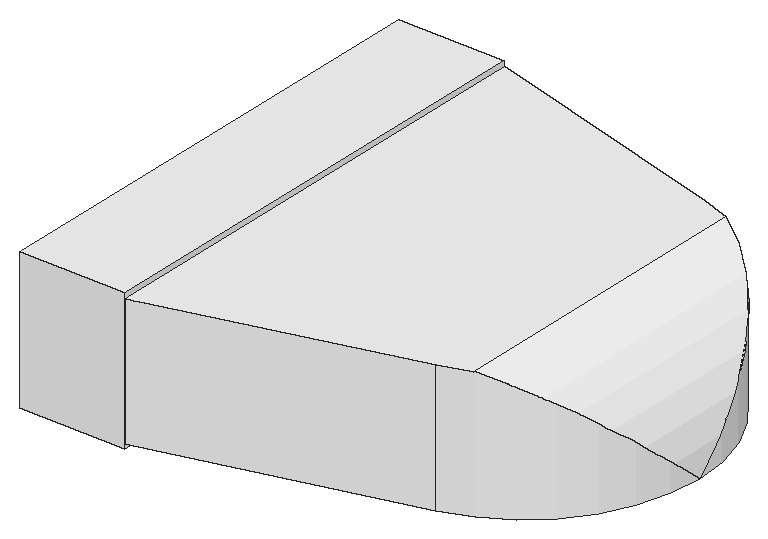
Revit family "CADS_AIRFLOWdev_Airflat_ElbowPlenum", category Duct Fittings, Revit 2015
Parameters (values of type "CADS_AIRFLOWdev_Airflat_ElbowPlenum")
  WorkingPressure = 3000.0 Pa
  WeeklyMaintenance = "N/A"
  WarrantyStartDate [instance] = "1900-12-31T23:59:120"
  WarrantyPeriod = "0"
  WarrantyIdentifier = "N/A"
  WarrantyGuarantorParts = "info@airflow.com"
  WarrantyGuarantorLabor = "info@airflow.com"
  WarrantyGuarantor = "Airflow Developments Ltd"
  WarrantyEndDate [instance] = "1900-12-31T23:59:120"
  WarrantyContent = "N/A"
  Uniclass2015 = "Pr_30_59_96_92:Ventilation ducts"
  URL = ""
  TemperatureRange = "up to 40°C"
  TagNumber [instance] = "N/A"
  SustainabilityPerformance = "N/A"
  Status = "New"
  Size = "210 x 204 x 84"
  ShippingWeight = 0.30 kg
  Shape = "Rectangular"
  ServiceLifeType = "EXPECTEDSERVICELIFE"
  ServiceLifeDuration = "10"
  SerialNumber [instance] = "N/A"
  SAPApproval = no
  ReplacementCost = "13.536"
  Reinforcement = "N/A"
  RedDotDesignAward = no
  QuarterlyMaintenance = "N/A"
  Quantity = 1
  ProductionYear = "2017"
  ProductLiterature = "https://www.airflow.com/pdf/Accessories.pdf#page=10"
  PointOfContact = "Airflow Developments Ltd"
  PlenumRadius [instance] = 75 mm  # constant formula
  PlenumLength [instance] = if(DuctWidth = 220 mm, 113.3 mm, 90.9 mm)  # 90.9 mm
  PassiveHouseApproval = no
  NominalWidth = 204 mm
  NominalLength = 210 mm
  NominalHeight = 84 mm
  NBSCode = "45-80-50/394 Ventilation ducts"
  MonthlyMaintenance = "N/A"
  ModelReference [instance] = "52641301"
  ModelLabel [instance] = "204 x 60 x 100mm Elbow/Plenum"
  Material = "Plastic"
  ManufacturerWebsite = "www.airflow.com"
  ManufacturerTelephone = "01494 525252"
  ManufacturerE-Mail = "info@airflow.com"
  ManufacturerAddress = "Aidelle House\nLancaster Road\nCressex Business Park\nHigh Wycombe\nBucks\nHP123QP"
  Manufacturer = "Airflow Developments Ltd"
  MaintenanceRequired8001to12000hrs = "N/A"
  MaintenanceRequired601to1000hrs = "N/A"
  MaintenanceRequired4001to8000hrs = "N/A"
  MaintenanceRequired301to600hrs = "N/A"
  MaintenanceRequired2001to4000hrs = "N/A"
  MaintenanceRequired1001to2000hrs = "N/A"
  MaintenanceRequired0to300hrs = "N/A"
  LongitudinalSeam = "None"
  Length1 [instance] = CentreRad * tan(Angle / 2)  # 107 mm
  IsExtendedWarranty = no
  InstallationDate [instance] = "1900-12-31T23:59:120"
  ISO90001 = yes
  ISO140001 = yes
  HalfDuctHeight [instance] = DuctHeight / 2  # 30 mm
  GrossWeight = 0.25 kg
  Grade = "Virgin"
  GlobalTradeItemNumber [instance] = "5019009308555"
  Fitting Type = "Elbow"
  FireControlPanelLinks = no
  Finish = "Lacquer"
  Features = "204 x 60 x 150mm Elbow/Plenum"
  ExpectedServiceLife = 10
  Exclusions = "N/A"
  DurationUnit = "Year"
  DuctWidth [instance] = 204 mm  # constant formula
  DuctHeight [instance] = 60 mm  # constant formula
  DuctDiameter [instance] = 100 mm
  DailyMaintenance = "N/A"
  Constituents = "204 x 60 x 100mm Elbow/Plenum"
  Color = "White"
  CodePerformance = "N/A"
  CentreRad [instance] = DuctWidth / 2 + 5 mm  # 107 mm
  CEApproval = yes
  CADS_Index = 0
  Body = CADS_AirFlow_White
  BespokeTimeFrameMaintenance = "N/A"
  AssetType = "FIXED"
  AssetIdentifier [instance] = "N/A"
  AssemblyPlace = "UNKNOWN"
  ArticleNumber [instance] = "N/A"
  AnnualMaintenance = "N/A"
  Angle [instance] = 90.00°
  AirflowRateRange = 140.0 L/s
  AccessibilityPerformance = "N/A"
  6MonthlyMaintenance = "Visually inspect system, clean the fan and ducting if necessary"
Types (2, lengths in mm): name | SAPApproval | RedDotDesignAward | PassiveHouseApproval | NominalWidth | NominalLength | NominalHeight | IsExtendedWarranty | FireControlPanelLinks
  (no name) | yes | yes | yes | 0 | 0 | 0 | yes | yes
  CADS_AIRFLOWdev_Airflat_ElbowPlenum | no | no | no | 204 | 210 | 84 | no | no
Values of the unnamed type that differ from the named types
  WorkingPressure = 0.0 Pa
  WeeklyMaintenance = ""
  WarrantyStartDate = ""
  WarrantyPeriod = ""
  WarrantyIdentifier = ""
  WarrantyGuarantorParts = ""
  WarrantyGuarantorLabor = ""
  WarrantyGuarantor = ""
  WarrantyEndDate = ""
  WarrantyContent = ""
  Uniclass2015 = ""
  TemperatureRange = ""
  TagNumber = ""
  SustainabilityPerformance = ""
  Status = ""
  Size = ""
  ShippingWeight = 0.00 kg
  Shape = ""
  ServiceLifeType = ""
  ServiceLifeDuration = ""
  SerialNumber = ""
  ReplacementCost = ""
  Reinforcement = ""
  QuarterlyMaintenance = ""
  Quantity = 0
  ProductionYear = ""
  ProductLiterature = ""
  PointOfContact = ""
  NBSCode = ""
  MonthlyMaintenance = ""
  ModelReference = ""
  ModelLabel = ""
  Material = ""
  ManufacturerWebsite = ""
  ManufacturerTelephone = ""
  ManufacturerE-Mail = ""
  ManufacturerAddress = ""
  MaintenanceRequired8001to12000hrs = ""
  MaintenanceRequired601to1000hrs = ""
  MaintenanceRequired4001to8000hrs = ""
  MaintenanceRequired301to600hrs = ""
  MaintenanceRequired2001to4000hrs = ""
  MaintenanceRequired1001to2000hrs = ""
  MaintenanceRequired0to300hrs = ""
  LongitudinalSeam = ""
  InstallationDate = ""
  GrossWeight = 0.00 kg
  Grade = ""
  GlobalTradeItemNumber = ""
  Fitting Type = ""
  Finish = ""
  Features = ""
  ExpectedServiceLife = 0
  Exclusions = ""
  DurationUnit = ""
  DailyMaintenance = ""
  Constituents = ""
  Color = ""
  CodePerformance = ""
  BespokeTimeFrameMaintenance = ""
  AssetType = ""
  AssetIdentifier = ""
  AssemblyPlace = ""
  ArticleNumber = ""
  AnnualMaintenance = ""
  AirflowRateRange = 0.0 L/s
  AccessibilityPerformance = ""
  6MonthlyMaintenance = ""
Reference planes
  plane 1 "Center (Front/Back)": y = 0
  plane 2: z = 0
  plane 3 "Center (Left/Right)": x = 0
  plane 4: z = 30
  plane 5: z = -30
  plane 6: z = 28
  plane 7: z = -28
  plane 8: x = -90.9
  plane 9: z = -40
Forms (mm)
  Extrusion 1, solid, material "CADS_AirFlow_White" <- "Body"
    sketch origin (0, 0, 0) x (1, 0, 0) y (0, 1, 0)
      loop
        circle (0, 0) r 50
    from -28 to -40
  Extrusion 2, solid, material "CADS_AirFlow_White" <- "Body"
    sketch origin (0, 0, 0) x (1, 0, 0) y (0, 1, 0)
      loop
        arc (19.411, -72.444) -> (75, 0) -> (19.411, 72.444) r 75
        line (19.411, 72.444) -> (-90.9, 102.002) -> (-90.9, -102.002) -> (19.411, -72.444)
    from 28 to -28
  Extrusion 3, solid, material "CADS_AirFlow_White" <- "Body"
    sketch origin (-90.9, 102.002, 0) x (0, -1, 0) y (0, 0, 1)
      loop
        line (0.002, 30) -> (0.002, -30) -> (204.002, -30) -> (204.002, 30) -> (0.002, 30)
      loop
        line (2.002, 28) -> (2.002, -28) -> (202.002, -28) -> (202.002, 28) -> (2.002, 28)
    from 0 to 45
  Extrusion 4, void
    sketch origin (0, 0, 0) x (1, 0, 0) y (0, 0, 1)
      loop
        line (75, -28) -> (75, 30) -> (17, 30)
        arc (17, 30) -> (58.012, 13.012) -> (75, -28) r 58
    from -100 to 100
Cuts and joins
  Extrusion 4 cuts Extrusion 2
Lines and regions (mm)
  model lines, style "InvisibleLines"
    curve 1: line (19.411, 72.444, 0) -> (0, 0, 0)
    curve 2: line (0, 0, 0) -> (19.411, -72.444, 0)
Dimensions and locks
  "HalfDuctHeight": plane 4 to level
  "HalfDuctHeight": level to plane 5
  locked: plane 7 to plane 5 at 2
  locked: plane 4 to plane 6 at 2
  equal spacing: Extrusion 3 sketch curve, plane 1 "Center (Front/Back)", Extrusion 3 sketch curve
  "DuctWidth": Extrusion 3 sketch curve to Extrusion 3 sketch curve
  locked: Extrusion 3 sketch curve to Extrusion 3 sketch curve at 2  (x2)
  "PlenumLength": plane 8 to plane 3 "Center (Left/Right)"
  locked: plane 5 to plane 9 at 10
  "PlenumRadius": radius of Extrusion 2 sketch curve
  "DuctDiameter": diameter of Extrusion 1 sketch curve
  locked: Extrusion 2 sketch curve to Extrusion 2 sketch curve (angle 150.00°)
  locked: Extrusion 2 sketch curve to plane 1 "Center (Front/Back)" (angle 15.00°)
  locked: plane 1 "Center (Front/Back)" to Extrusion 2 sketch curve (angle 15.00°)
  locked: curve 1 to plane 3 "Center (Left/Right)" (angle 15.00°)
  locked: plane 3 "Center (Left/Right)" to curve 2 (angle 15.00°)
  aligned and locked: level to plane 2
  aligned and locked: plane 1 "Center (Front/Back)" to Extrusion 2 sketch curve
  aligned and locked: curve 2 to Extrusion 2 sketch curve
  aligned and locked: plane 6 to Extrusion 2
  aligned and locked: Extrusion 3 sketch curve to plane 4
  aligned and locked: plane 5 to Extrusion 3 sketch curve
  aligned and locked: Extrusion 2 to plane 7
  aligned and locked: Extrusion 1 to Extrusion 2
  aligned and locked: Extrusion 3 sketch curve to plane 7
  aligned and locked: plane 6 to Extrusion 3 sketch curve
  aligned and locked: Extrusion 1 to plane 9
Automatic sketch dimensions
  plane 1 "Center (Front/Back)" to curve 2 = 0 mm
  curve 2 to plane 3 "Center (Left/Right)" = 0 mm
  Extrusion 4 sketch curve to plane 4 = 0 mm  (x2)
  Extrusion 4 sketch curve to plane 7 = 0 mm
  plane 3 "Center (Left/Right)" to Extrusion 4 sketch curve = 17 mm
  Extrusion 4 sketch curve to Extrusion 4 sketch curve = 0 mm
  plane 1 "Center (Front/Back)" to Extrusion 1 sketch curve = 0 mm
  Extrusion 1 sketch curve to plane 3 "Center (Left/Right)" = 0 mm
  Extrusion 2 sketch curve to plane 8 = 0 mm
  Extrusion 2 sketch curve to plane 3 "Center (Left/Right)" = 0 mm
Connectors
  hvac at (-90.9, 0, 0), driven by "DuctHeight", driven by "DuctWidth"
    settings: on Extrusion 2, index 1, duct flow 0.0 L/s, flow factor 0, pres drop 0.0 Pa, loss coef 0, conn angle 90.00°, conn width 204 mm, conn height 60 mm, conn diameter 609.6 mm, duct sys type 28, conn prof type 1, flow config 0, flow direction 0, loss method 0, conn ref index 2, conn util no, is conn primary yes, conn desc ""
  hvac at (0, 0, -28), driven by "DuctDiameter"
    settings: on Extrusion 1, index 2, duct flow 0.0 L/s, flow factor 0, pres drop 0.0 Pa, loss coef 0, conn angle 90.00°, conn width 304.8 mm, conn height 304.8 mm, conn diameter 100 mm, duct sys type 28, conn prof type 0, flow config 0, flow direction 0, loss method 0, conn ref index 1, conn util no, is conn primary no, conn desc ""
